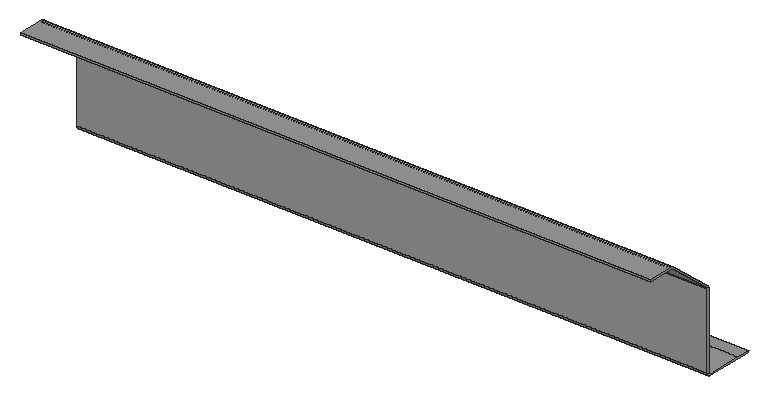
Revit family "B K 90", category Generic Models, Revit 2014
Parameters (values of type "Max lintel length 4800mm")
  URL = "http://www.keystonelintels.co.uk"
  Structural Opening [instance] = 900 mm
  Structural Performance = "The Keystone lintel range has safe working loads as detailed in each applicable loading table in the Keystone Lintel Guide brochure. The structural performance figures within each table have been ascertained by testing in accordance with the requirements of standards BS EN 5977-2: 1983 and BS EN 845-2: 2003."
  RIBA Productor Selector = "available for Keystone Lintels Ltd from Keystone Lintels Ltd from ribaproductselector.com"
  Model = "B/K 90"
  Min Length = 600 mm
  Min Clear Span = 300 mm
  Max Length = 4800 mm
  Max Clear Span = 4800 mm
  Material - Stainless Steel = "Grade 304 2b 1.4307 to BS EN 10088-2. Other grades available on request: contact manufacturer."
  Material - Galvanised Steel = "To BS EN 10346: 2009. DX51D plus Z600 or grade Z275 to BS 5977-2: 1983 (BS EN 845-2: 2003)."
  Manufacturer = "Keystone"
  Manufactured Length [instance] = (roundup(Effective Length / 150 mm) * 150 mm)  # 1200 mm
  Lintel height [instance] = 2100 mm
  Keynote = "F30/755"
  Fire Performance = "Keystone lintels have been subjected to a fire test (WARRES No. 101263) in accordance with BS 476-20: 1987, at Exova Warrington Fire and achieved a one hour fire performance."
  End Bearing = 150 mm
  Effective Length [instance] = Clear Opening with MIN MAX set + End Bearing * 2  # 1200 mm
  Corrosion = "Keystone’s standard range of lintels are manufactured from high quality grade pre-galvanized carbon steel with a zinc coating of 600"
  Contact Tel = "+44 (0)28 8676 2184"
  Contact Email = "info@keystonelintels.co.uk"
  Clear Opening with MIN MAX set [instance] = if(Structural Opening < Min Clear Span, Min Clear Span, (if(Structural Opening > Max Clear Span, Max Clear Span, Structural Opening)))  # 900 mm
  CPD Information = "Available for Keystone Lintels Ltd from ribacpd.com"
Reference planes
  plane 1 "Center (Front/Back)": y = 0
  plane 2: z = 0
  plane 3 "Center (Left/Right)": x = 0
  plane 4: x = -600
  plane 5: x = 600
  plane 6: z = 2100
  plane 7: x = -450
  plane 8: x = 450
Forms (mm)
  Extrusion 1, solid, material "Steel"
    sketch origin (0, 698.694, -498.166) x (0, 1, 0) y (0, 0, 1)
      loop
        line (-600.617, 2597.316) -> (-600.508, 2600.514) -> (-625.494, 2601.366) -> (-690.494, 2601.366)
        arc (-690.494, 2601.366) -> (-694.029, 2602.83) -> (-695.494, 2606.366) r 5
        line (-695.494, 2606.366) -> (-695.494, 2749.478)
        arc (-695.494, 2749.478) -> (-695.961, 2751.565) -> (-697.272, 2753.255) r 4.9
        line (-697.272, 2753.255) -> (-780.817, 2822.305)
        arc (-780.817, 2822.305) -> (-782.073, 2822.945) -> (-783.464, 2823.166) r 4.5
        line (-783.464, 2823.166) -> (-833.464, 2823.166) -> (-833.464, 2819.966) -> (-783.729, 2819.966)
        arc (-783.729, 2819.966) -> (-783.052, 2819.848) -> (-782.455, 2819.508) r 2
        line (-782.455, 2819.508) -> (-699.42, 2750.878)
        arc (-699.42, 2750.878) -> (-698.884, 2750.189) -> (-698.694, 2749.337) r 2
        line (-698.694, 2749.337) -> (-698.694, 2606.366)
        arc (-698.694, 2606.366) -> (-696.292, 2600.568) -> (-690.494, 2598.166) r 8.2
        line (-690.494, 2598.166) -> (-625.548, 2598.166) -> (-600.617, 2597.316)
    from -600 to 600
  Extrusion 2, solid, not visible
    sketch origin (0, 917.751, 1135.533) x (0, 1, 0) y (0, 0, 1)
      loop
        line (-600.617, 997.316) -> (-600.508, 1000.514) -> (-625.494, 1001.366) -> (-690.494, 1001.366)
        arc (-690.494, 1001.366) -> (-694.029, 1002.83) -> (-695.494, 1006.366) r 5
        line (-695.494, 1006.366) -> (-695.494, 1149.478)
        arc (-695.494, 1149.478) -> (-695.961, 1151.565) -> (-697.272, 1153.255) r 4.9
        line (-697.272, 1153.255) -> (-780.817, 1222.305)
        arc (-780.817, 1222.305) -> (-782.073, 1222.945) -> (-783.464, 1223.166) r 4.5
        line (-783.464, 1223.166) -> (-833.464, 1223.166) -> (-833.464, 1219.966) -> (-783.729, 1219.966)
        arc (-783.729, 1219.966) -> (-783.052, 1219.848) -> (-782.455, 1219.508) r 2
        line (-782.455, 1219.508) -> (-699.42, 1150.878)
        arc (-699.42, 1150.878) -> (-698.884, 1150.189) -> (-698.694, 1149.337) r 2
        line (-698.694, 1149.337) -> (-698.694, 1006.366)
        arc (-698.694, 1006.366) -> (-696.292, 1000.568) -> (-690.494, 998.166) r 8.2
        line (-690.494, 998.166) -> (-625.548, 998.166) -> (-600.617, 997.316)
    from 0 to 250
Dimensions and locks
  equal spacing: plane 4, plane 3 "Center (Left/Right)", plane 5
  "Manufactured Length": plane 4 to plane 5
  "Lintel height": plane 6 to level
  "Structural Opening": plane 7 to plane 8
  equal spacing: plane 7, plane 3 "Center (Left/Right)", plane 8
  aligned and locked: level to plane 2
  aligned and locked: Extrusion 1 to plane 6
  aligned and locked: plane 5 to Extrusion 1
  aligned and locked: Extrusion 1 to plane 4
Automatic sketch dimensions
  Extrusion 1 sketch curve to Extrusion 1 sketch curve = 24.931 mm
  Extrusion 1 sketch curve to Extrusion 1 sketch curve = 0.109 mm
  Extrusion 1 sketch curve to Extrusion 1 sketch curve = 0.85 mm
  Extrusion 1 sketch curve to Extrusion 1 sketch curve = 0.055 mm
  Extrusion 1 sketch curve to Extrusion 1 sketch curve = 64.945 mm
  Extrusion 1 sketch curve to Extrusion 1 sketch curve = 5 mm
  Extrusion 1 sketch curve to Extrusion 1 sketch curve = 0 mm  (x4)
  Extrusion 1 sketch curve to Extrusion 1 sketch curve = 143.112 mm
  Extrusion 1 sketch curve to Extrusion 1 sketch curve = 0.141 mm
  Extrusion 1 sketch curve to Extrusion 1 sketch curve = 2 mm
  Extrusion 1 sketch curve to Extrusion 1 sketch curve = 0.726 mm
  Extrusion 1 sketch curve to Extrusion 1 sketch curve = 0.3 mm
  Extrusion 1 sketch curve to Extrusion 1 sketch curve = 2.148 mm
  Extrusion 1 sketch curve to Extrusion 1 sketch curve = 81.398 mm
  Extrusion 1 sketch curve to Extrusion 1 sketch curve = 71.427 mm
  Extrusion 1 sketch curve to Extrusion 1 sketch curve = 1.638 mm
  Extrusion 1 sketch curve to Extrusion 1 sketch curve = 2.798 mm
  Extrusion 1 sketch curve to Extrusion 1 sketch curve = 1.274 mm
  Extrusion 1 sketch curve to Extrusion 1 sketch curve = 1.542 mm
  Extrusion 1 sketch curve to Extrusion 1 sketch curve = 0.265 mm
  Extrusion 1 sketch curve to Extrusion 1 sketch curve = 0.7 mm
  Extrusion 1 sketch curve to Extrusion 1 sketch curve = 49.735 mm
  Extrusion 2 sketch curve to Extrusion 2 sketch curve = 24.931 mm
  Extrusion 2 sketch curve to Extrusion 2 sketch curve = 0.109 mm
  Extrusion 2 sketch curve to Extrusion 2 sketch curve = 0.85 mm
  Extrusion 2 sketch curve to Extrusion 2 sketch curve = 0.055 mm
  Extrusion 2 sketch curve to Extrusion 2 sketch curve = 64.945 mm
  Extrusion 2 sketch curve to Extrusion 2 sketch curve = 5 mm
  Extrusion 2 sketch curve to Extrusion 2 sketch curve = 0 mm  (x4)
  Extrusion 2 sketch curve to Extrusion 2 sketch curve = 143.112 mm
  Extrusion 2 sketch curve to Extrusion 2 sketch curve = 0.141 mm
  Extrusion 2 sketch curve to Extrusion 2 sketch curve = 2 mm
  Extrusion 2 sketch curve to Extrusion 2 sketch curve = 0.726 mm
  Extrusion 2 sketch curve to Extrusion 2 sketch curve = 0.3 mm
  Extrusion 2 sketch curve to Extrusion 2 sketch curve = 2.148 mm
  Extrusion 2 sketch curve to Extrusion 2 sketch curve = 81.398 mm
  Extrusion 2 sketch curve to Extrusion 2 sketch curve = 71.427 mm
  Extrusion 2 sketch curve to Extrusion 2 sketch curve = 1.638 mm
  Extrusion 2 sketch curve to Extrusion 2 sketch curve = 2.798 mm
  Extrusion 2 sketch curve to Extrusion 2 sketch curve = 1.274 mm
  Extrusion 2 sketch curve to Extrusion 2 sketch curve = 1.542 mm
  Extrusion 2 sketch curve to Extrusion 2 sketch curve = 0.265 mm
  Extrusion 2 sketch curve to Extrusion 2 sketch curve = 0.7 mm
  Extrusion 2 sketch curve to Extrusion 2 sketch curve = 49.735 mm
  Extrusion 1 sketch curve to plane 1 "Center (Front/Back)" = 0 mm
  Extrusion 1 sketch curve to plane 6 = 0 mm
